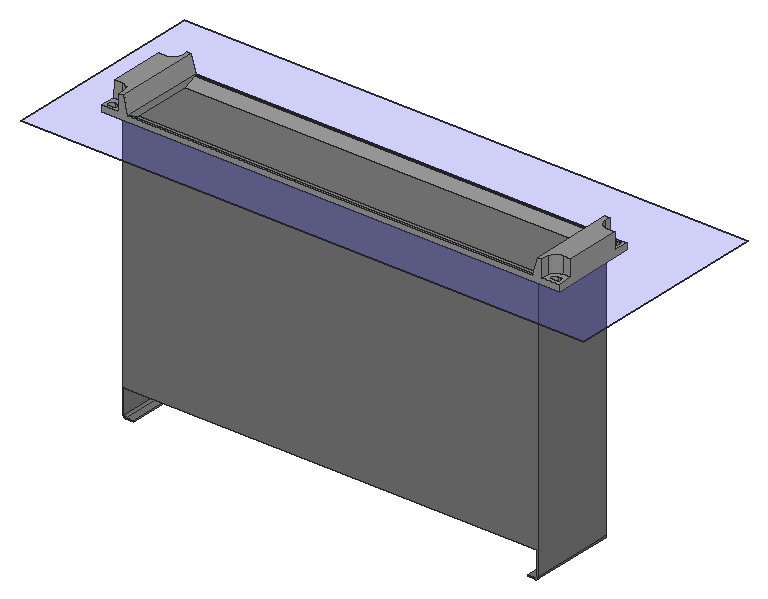
Revit family "QSC PLD4 Amplifiers", category Generic Models, host Face, Revit 2012
Parameters (values of type "PLD4.2")
  Width = 1' - 7"  # constant formula
  Weight Product (lb) = 18.5
  Weight Product (kg) = 8.4
  Voltage AC = "100-240 at 50-60 Hz"  # constant formula
  URL = "TBD"
  Regulatory Compliance = "UL, CE, RoHS/WEEE, FCC Class B"  # constant formula
  Product Page URL = "TBD"
  Product Documentation Link = "TBD"
  Power Troubleshoot [instance] = 0
  Power Standby [instance] = 0
  Power Peak [instance] = 0
  Power Factor [instance] = 0
  Power Active [instance] = 0
  Model = "PLD4.2"
  Manufacturer URL = "http://www.qscaudio.com"
  Manufacturer = "QSC Audio Products, LLC"  # constant formula
  Inner Front Width [instance] = 1' - 4.819"
  Height = 0' - 3 1/2"  # constant formula
  Heat Load Troubleshoot [instance] = 0
  Heat Load Standby [instance] = 0
  Heat Load Active [instance] = 0
  Face Material [instance] = Light Gray Finish
  Description = "2000 Watt Multi-Channel Processing Amplifier"
  Depth = 1' - 0"
  Default Elevation = 0' - 0"
  Current Draw [instance] = 0
  Amplifier Material [instance] = Dark Gray Finish
Types (8): name | Weight Product (lb) | Weight Product (kg) | Power Troubleshoot | Power Standby | Power Peak | Power Factor | Power Active | Model | Heat Load Troubleshoot | Heat Load Standby | Heat Load Active | Description | Depth | Current Draw | Amplifier Material
  (no name) | 18.5 | 8.4 | 0 | 0 | 0 | 0 | 0 | "PLD4.2" | 0 | 0 | 0 | "2000 Watt Multi-Channel Processing Amplifier" | 1' - 0" | 0 | Dark Gray Finish
  PLD4.2 | 18.5 | 8.4 | 0 | 0 | 0 | 0 | 0 | "PLD4.2" | 0 | 0 | 0 | "2000 Watt Multi-Channel Processing Amplifier" | 1' - 0" | 0 | Dark Gray Finish
  PLD4.3 @ 100VAC | 21 | 9.6 | 89 | 15 | 3452 | 0.95 | 556 | "PLD4.3" | 304 | 51 | 833 | "3000 Watt Multi-Channel Processing Amplifier" | 1' - 4" | 35 | Black Finish
  PLD4.5 @ 100VAC | 22 | 10 | 89 | 15 | 6938 | 0.97 | 962 | "PLD4.5" | 304 | 51 | 1165 | "5000 Watt Multi-Channel Processing Amplifier" | 1' - 4" | 68 | Black Finish
  PLD4.5 @ 120VAC | 22 | 10 | 87 | 15 | 6518 | 0.97 | 955 | "PLD4.5" | 297 | 51 | 1144 | "5000 Watt Multi-Channel Processing Amplifier" | 1' - 4" | 54 | Black Finish
  PLD4.5 @ 230VAC | 22 | 10 | 85 | 15 | 6000 | 0.91 | 969 | "PLD4.5" | 290 | 51 | 1209 | "5000 Watt Multi-Channel Processing Amplifier" | 1' - 4" | 27 | Black Finish
  PLD4.3 @ 120VAC | 21 | 9.6 | 87 | 15 | 3250 | 0.95 | 540 | "PLD4.3" | 297 | 51 | 800 | "3000 Watt Multi-Channel Processing Amplifier" | 1' - 4" | 25 | Black Finish
  PLD4.3 @ 230VAC | 21 | 9.6 | 85 | 15 | 3136 | 0.95 | 537 | "PLD4.3" | 290 | 51 | 766 | "3000 Watt Multi-Channel Processing Amplifier" | 1' - 4" | 14 | Black Finish
Reference planes (in)
  plane 1 "Center (Front/Back)": y = 0
  plane 2: z = 0
  plane 3 "Center (Left/Right)": x = 0
  plane 4 "Left": x = -9.5
  plane 5 "Right": x = 9.5
  plane 6 "Top": y = 1.75
  plane 7 "Bottom": y = -1.75
  plane 8 "Back": z = -11.0591
  plane 9: z = -9.9291
  plane 10: x = -8.6228
  plane 11: x = 8.6228
  plane 12 "Front": z = 0.9409
  plane 13: x = -8.1838
  plane 14: x = 8.1838
  plane 15: x = -9.4688
  plane 16: x = -8.5948
  plane 17: x = -8.4095
  plane 18: z = 0.2492
  plane 19: x = 9.4688
  plane 20: x = 8.5948
  plane 21: x = 8.4095
  plane 22: z = 0.2492
  plane 23: z = 0.5531
  plane 24 "Inner Left": x = -8.4095
  plane 25 "Inner Right": x = 8.4095
Forms (in)
  Extrusion 1, solid, material "Glass"
    sketch origin (0, 0, 0) x (1, 0, 0) y (0, 1, 0)
      loop
        line (-11.18464, 4.67779) -> (-11.18464, -3.88137) -> (12.1957, -3.88137) -> (12.1957, 4.67779) -> (-11.18464, 4.67779)
    from 0 to -0.03906
  Extrusion 2, solid, material "Dark Gray Finish" <- "Amplifier Material"
    sketch origin (0, -1.75, 0) x (-1, 0, 0) y (0, 0, 1)
      loop
        line (9.5, 0) -> (-9.5, 0) -> (-9.5, -11.0591) -> (9.5, -11.0591) -> (9.5, 0)
    from 0 to 3.5 <- "Height"
  Extrusion 3, void
    sketch origin (0, -1.75, 0) x (-1, 0, 0) y (0, 0, 1)
      loop
        line (8.6228, -11.0591) -> (9.5, -11.0591) -> (9.5, 0) -> (8.6228, 0) -> (8.6228, -11.0591)
      loop
        line (-9.5, -11.0591) -> (-8.6228, -11.0591) -> (-8.6228, 0) -> (-9.5, 0) -> (-9.5, -11.0591)
    from 0 to 3.5 <- "Height"
  Extrusion 4, void
    sketch origin (0, -1.75, 0) x (-1, 0, 0) y (0, 0, 1)
      loop
        arc (8.6228, -10.9291) -> (8.58472, -11.02102) -> (8.4928, -11.0591) r 0.13
        line (8.4928, -11.0591) -> (8.6228, -11.0591) -> (8.6228, -10.9291)
      loop
        line (8.5755, -10.92909) -> (8.5755, -9.9291) -> (-8.5755, -9.9291) -> (-8.5755, -10.92909)
        arc (-8.5755, -10.92909) -> (-8.55128, -10.98757) -> (-8.4928, -11.01179) r 0.0827
        line (-8.4928, -11.01179) -> (-8.1838, -11.01179) -> (-8.1838, -11.0591) -> (8.1838, -11.0591) -> (8.1838, -11.01179) -> (8.4928, -11.01179)
        arc (8.4928, -11.01179) -> (8.55128, -10.98757) -> (8.5755, -10.92909) r 0.0827
      loop
        line (-8.6228, -10.9291) -> (-8.6228, -11.0591) -> (-8.4928, -11.0591)
        arc (-8.4928, -11.0591) -> (-8.58472, -11.02102) -> (-8.6228, -10.9291) r 0.13
    from 0 to 3.5
  Extrusion 5, void
    sketch origin (0, -1.75, 0) x (-1, 0, 0) y (0, 0, 1)
      loop
        line (9.5, 0) -> (9.5, 0.9409) -> (9.4688, 0.9409) -> (9.5, 0)
      loop
        line (8.5948, 0.9409) -> (-8.5948, 0.9409) -> (-8.4095, 0.2492)
        arc (-8.4095, 0.2492) -> (0, 0.5531) -> (8.4095, 0.2492) r 116.5055
        line (8.4095, 0.2492) -> (8.5948, 0.9409)
      loop
        line (-9.4688, 0.9409) -> (-9.5, 0.9409) -> (-9.5, 0) -> (-9.4688, 0.9409)
    from 0 to 3.5
  Extrusion 6, void
    sketch origin (0, 0, 0.9409) x (-1, 0, 0) y (0, -1, 0)
      loop
        line (9.5, -1.75) -> (9.5, -1.138) -> (9.1609, -1.138)
        arc (9.1609, -1.138) -> (8.90489, -1.23581) -> (8.7793, -1.4794) r 0.38397
        line (8.7793, -1.4794) -> (8.7793, -1.75) -> (9.5, -1.75)
      loop
        line (9.5, 1.75) -> (8.7793, 1.75) -> (8.7793, 1.4794)
        arc (8.7793, 1.4794) -> (8.90489, 1.23581) -> (9.1609, 1.138) r 0.38397
        line (9.1609, 1.138) -> (9.5, 1.138) -> (9.5, 1.75)
      loop
        line (-9.5, -1.75) -> (-8.7793, -1.75) -> (-8.7793, -1.4794)
        arc (-8.7793, -1.4794) -> (-8.90489, -1.23581) -> (-9.1609, -1.138) r 0.38397
        line (-9.1609, -1.138) -> (-9.5, -1.138) -> (-9.5, -1.75)
      loop
        line (-9.5, 1.75) -> (-9.5, 1.138) -> (-9.1609, 1.138)
        arc (-9.1609, 1.138) -> (-8.90489, 1.23581) -> (-8.7793, 1.4794) r 0.38397
        line (-8.7793, 1.4794) -> (-8.7793, 1.75) -> (-9.5, 1.75)
    from 0 to -0.68359
  Extrusion 7, void
    sketch origin (0, 0, 0.9409) x (-1, 0, 0) y (0, -1, 0)
      loop
        arc (9.2614, -1.651) -> (9.3894, -1.523) -> (9.2614, -1.395) r 0.128
        line (9.2614, -1.395) -> (9.1314, -1.395)
        arc (9.1314, -1.395) -> (9.0034, -1.523) -> (9.1314, -1.651) r 0.128
        line (9.1314, -1.651) -> (9.2614, -1.651)
      loop
        arc (9.2614, 1.395) -> (9.3894, 1.523) -> (9.2614, 1.651) r 0.128
        line (9.2614, 1.651) -> (9.1314, 1.651)
        arc (9.1314, 1.651) -> (9.0034, 1.523) -> (9.1314, 1.395) r 0.128
        line (9.1314, 1.395) -> (9.2614, 1.395)
      loop
        arc (-9.1314, -1.651) -> (-9.0034, -1.523) -> (-9.1314, -1.395) r 0.128
        line (-9.1314, -1.395) -> (-9.2614, -1.395)
        arc (-9.2614, -1.395) -> (-9.3894, -1.523) -> (-9.2614, -1.651) r 0.128
        line (-9.2614, -1.651) -> (-9.1314, -1.651)
      loop
        arc (-9.1314, 1.395) -> (-9.0034, 1.523) -> (-9.1314, 1.651) r 0.128
        line (-9.1314, 1.651) -> (-9.2614, 1.651)
        arc (-9.2614, 1.651) -> (-9.3894, 1.523) -> (-9.2614, 1.395) r 0.128
        line (-9.2614, 1.395) -> (-9.1314, 1.395)
    from 0 to -1
  Extrusion 8, void
    sketch origin (-8.4095, 0, 0) x (0, 1, 0) y (0, 0, 1)
      loop
        line (1.69062, 0.22932) -> (1.75, 0.9409) -> (1.69062, 0.9409) -> (-1.75, 0.9409) -> (-1.69553, 0.2249) -> (-1.19154, 0) -> (1.20399, 0) -> (1.69062, 0.22932)
    from 0 to 16.819 <- "Inner Front Width"
  Extrusion 9, void
    sketch origin (0, 0, -11.0591) x (-1, 0, 0) y (0, -1, 0)
      loop
        line (-7.97058, -1.12779) -> (-7.48155, -1.12779) -> (-7.48155, -0.6147) -> (-7.97058, -0.6147) -> (-7.97058, -1.12779)
      loop
        line (7.08422, 0.56135) -> (7.70168, 0.56135) -> (7.70168, 1.43183) -> (7.08422, 1.43183) -> (7.08422, 0.56135)
      loop
        circle (-6.66506, -0.66316) r 0.44
      loop
        circle (-5.60506, -0.66316) r 0.44
      loop
        circle (-4.54506, -0.66316) r 0.44
      loop
        circle (-3.48506, -0.66316) r 0.44
      loop
        circle (-6.66506, 0.67684) r 0.44
      loop
        circle (-5.60506, 0.67684) r 0.44
      loop
        circle (-4.54506, 0.67684) r 0.44
      loop
        circle (-3.48506, 0.67684) r 0.44
      loop
        circle (-1.43506, -0.66316) r 0.47
      loop
        circle (-0.05506, -0.66316) r 0.47
      loop
        circle (1.32494, -0.66316) r 0.47
      loop
        circle (-1.43506, 0.71684) r 0.47
      loop
        circle (-0.05506, 0.71684) r 0.47
      loop
        circle (1.32494, 0.71684) r 0.47
    from 0 to 1.25
  Extrusion 10, solid, material "Light Gray Finish" <- "Face Material"
    sketch origin (0, -1.75, 0) x (-1, 0, 0) y (0, 0, 1)
      loop
        line (9.5, 0.9409) -> (-9.5, 0.9409) -> (-9.5, 0) -> (9.5, 0) -> (9.5, 0.9409)
    from 0 to 3.5 <- "Height"
Cuts and joins
  Extrusion 3, Extrusion 4, Extrusion 5, Extrusion 6, Extrusion 7, Extrusion 8, Extrusion 9 cuts Extrusion 2
  Extrusion 5, Extrusion 6, Extrusion 7, Extrusion 8 cuts Extrusion 10
Lines and regions (in)
  model lines, detail levels fine
    curve 1: arc (-8.6228, 1.2481, -10.2168) -> (-8.6228, 1.1201, -10.0888) -> (-8.6228, 0.9921, -10.2168) r 0.128
    curve 2: line (-8.6228, 0.9921, -10.2168) -> (-8.6228, 0.9921, -10.3468)
    curve 3: arc (-8.6228, 0.9921, -10.3468) -> (-8.6228, 1.1201, -10.4748) -> (-8.6228, 1.2481, -10.3468) r 0.128
    curve 4: line (-8.6228, 1.2481, -10.3468) -> (-8.6228, 1.2481, -10.2168)
    curve 5: arc (-8.6228, 0.6931, -10.7368) -> (-8.6228, 0.6231, -10.6668) -> (-8.6228, 0.5531, -10.7368) r 0.07
    curve 6: arc (-8.6228, 0.5531, -10.7368) -> (-8.6228, 0.6231, -10.8068) -> (-8.6228, 0.6931, -10.7368) r 0.07
    curve 7: arc (-8.6228, -0.5531, -10.7368) -> (-8.6228, -0.6231, -10.6668) -> (-8.6228, -0.6931, -10.7368) r 0.07
    curve 8: arc (-8.6228, -0.6931, -10.7368) -> (-8.6228, -0.6231, -10.8068) -> (-8.6228, -0.5531, -10.7368) r 0.07
    curve 9: arc (-8.6228, -1.2481, -10.3468) -> (-8.6228, -1.1201, -10.4748) -> (-8.6228, -0.9921, -10.3468) r 0.128
    curve 10: line (-8.6228, -0.9921, -10.3468) -> (-8.6228, -0.9921, -10.2168)
    curve 11: arc (-8.6228, -0.9921, -10.2168) -> (-8.6228, -1.1201, -10.0888) -> (-8.6228, -1.2481, -10.2168) r 0.128
    curve 12: line (-8.6228, -1.2481, -10.2168) -> (-8.6228, -1.2481, -10.3468)
    curve 13: arc (8.6228, 1.2481, -10.2168) -> (8.6228, 1.1201, -10.0888) -> (8.6228, 0.9921, -10.2168) r 0.128
    curve 14: line (8.6228, 0.9921, -10.2168) -> (8.6228, 0.9921, -10.3468)
    curve 15: arc (8.6228, 0.9921, -10.3468) -> (8.6228, 1.1201, -10.4748) -> (8.6228, 1.2481, -10.3468) r 0.128
    curve 16: line (8.6228, 1.2481, -10.3468) -> (8.6228, 1.2481, -10.2168)
    curve 17: arc (8.6228, 0.6931, -10.7368) -> (8.6228, 0.6231, -10.6668) -> (8.6228, 0.5531, -10.7368) r 0.07
    curve 18: arc (8.6228, 0.5531, -10.7368) -> (8.6228, 0.6231, -10.8068) -> (8.6228, 0.6931, -10.7368) r 0.07
    curve 19: arc (8.6228, -0.5531, -10.7368) -> (8.6228, -0.6231, -10.6668) -> (8.6228, -0.6931, -10.7368) r 0.07
    curve 20: arc (8.6228, -0.6931, -10.7368) -> (8.6228, -0.6231, -10.8068) -> (8.6228, -0.5531, -10.7368) r 0.07
    curve 21: arc (8.6228, -1.2481, -10.3468) -> (8.6228, -1.1201, -10.4748) -> (8.6228, -0.9921, -10.3468) r 0.128
    curve 22: line (8.6228, -0.9921, -10.3468) -> (8.6228, -0.9921, -10.2168)
    curve 23: arc (8.6228, -0.9921, -10.2168) -> (8.6228, -1.1201, -10.0888) -> (8.6228, -1.2481, -10.2168) r 0.128
    curve 24: line (8.6228, -1.2481, -10.2168) -> (8.6228, -1.2481, -10.3468)
    curve 25: circle (-8.3438, 0.6231, -11.0591) r 0.07 normal (0, 0, 1)
    curve 26: circle (-8.3438, -0.6231, -11.0591) r 0.07 normal (0, 0, -1)
    curve 27: circle (8.3438, 0.6231, -11.0591) r 0.07 normal (0, 0, -1)
    curve 28: circle (8.3438, -0.6231, -11.0591) r 0.07 normal (0, 0, 1)
    curve 61: line (-0.23509, 0.74029, 0.08969) -> (-0.37409, 0.87779, 0.08969)
    curve 62: line (2.27671, 0.74029, 0.08969) -> (2.41571, 0.87779, 0.08969)
    curve 63: line (2.27671, -0.76171, 0.08969) -> (2.41571, -0.89921, 0.08969)
    curve 64: line (-0.23509, -0.76171, 0.08969) -> (-0.37409, -0.89921, 0.08969)
    curve 69: arc (-3.92972, -0.06127, 0.08969) -> (-3.95365, -0.19312, 0.08969) -> (-3.97819, -0.06139, 0.08969) r 0.06812
    curve 70: line (-3.95381, -0.125, 0.08969) -> (-3.95381, -0.00273, 0.08969)
    curve 71: line (-2.75377, 0.67779, 0.08969) -> (-2.43464, 0.67779, 0.08969)
    curve 72: line (-2.75377, 0.51506, 0.08969) -> (-2.75377, 0.67779, 0.08969)
    curve 73: line (-2.43464, 0.51506, 0.08969) -> (-2.75377, 0.51506, 0.08969)
    curve 74: line (-2.43464, 0.67779, 0.08969) -> (-2.43464, 0.51506, 0.08969)
    curve 75: line (-1.25377, 0.67779, 0.08969) -> (-0.93464, 0.67779, 0.08969)
    curve 76: line (-1.25377, 0.51506, 0.08969) -> (-1.25377, 0.67779, 0.08969)
    curve 77: line (-0.93464, 0.51506, 0.08969) -> (-1.25377, 0.51506, 0.08969)
    curve 78: line (-0.93464, 0.67779, 0.08969) -> (-0.93464, 0.51506, 0.08969)
    curve 79: line (-2.25377, 0.67779, 0.08969) -> (-1.93464, 0.67779, 0.08969)
    curve 80: line (-2.25377, 0.51506, 0.08969) -> (-2.25377, 0.67779, 0.08969)
    curve 81: line (-1.93464, 0.51506, 0.08969) -> (-2.25377, 0.51506, 0.08969)
    curve 82: line (-1.93464, 0.67779, 0.08969) -> (-1.93464, 0.51506, 0.08969)
    curve 83: line (-1.75377, 0.67779, 0.08969) -> (-1.43464, 0.67779, 0.08969)
    curve 84: line (-1.75377, 0.51506, 0.08969) -> (-1.75377, 0.67779, 0.08969)
    curve 85: line (-1.43464, 0.51506, 0.08969) -> (-1.75377, 0.51506, 0.08969)
    curve 86: line (-1.43464, 0.67779, 0.08969) -> (-1.43464, 0.51506, 0.08969)
    curve 87: line (-2.75377, -0.19721, 0.08969) -> (-2.43464, -0.19721, 0.08969)
    curve 88: line (-2.75377, -0.35994, 0.08969) -> (-2.75377, -0.19721, 0.08969)
    curve 89: line (-2.43464, -0.35994, 0.08969) -> (-2.75377, -0.35994, 0.08969)
    curve 90: line (-2.43464, -0.19721, 0.08969) -> (-2.43464, -0.35994, 0.08969)
    curve 91: line (-1.25377, -0.19721, 0.08969) -> (-0.93464, -0.19721, 0.08969)
    curve 92: line (-1.25377, -0.35994, 0.08969) -> (-1.25377, -0.19721, 0.08969)
    curve 93: line (-0.93464, -0.35994, 0.08969) -> (-1.25377, -0.35994, 0.08969)
    curve 94: line (-0.93464, -0.19721, 0.08969) -> (-0.93464, -0.35994, 0.08969)
    curve 95: line (-2.25377, -0.19721, 0.08969) -> (-1.93464, -0.19721, 0.08969)
    curve 96: line (-2.25377, -0.35994, 0.08969) -> (-2.25377, -0.19721, 0.08969)
    curve 97: line (-1.93464, -0.35994, 0.08969) -> (-2.25377, -0.35994, 0.08969)
    curve 98: line (-1.93464, -0.19721, 0.08969) -> (-1.93464, -0.35994, 0.08969)
    curve 99: line (-1.75377, -0.19721, 0.08969) -> (-1.43464, -0.19721, 0.08969)
    curve 100: line (-1.75377, -0.35994, 0.08969) -> (-1.75377, -0.19721, 0.08969)
    curve 101: line (-1.43464, -0.35994, 0.08969) -> (-1.75377, -0.35994, 0.08969)
    curve 102: line (-1.43464, -0.19721, 0.08969) -> (-1.43464, -0.35994, 0.08969)
    curve 103: line (2.74506, 0.87779, 0.08969) -> (3.1581, 0.87779, 0.08969)
    curve 104: line (2.74506, 0.64006, 0.08969) -> (2.74506, 0.87779, 0.08969)
    curve 105: line (3.1581, 0.64006, 0.08969) -> (2.74506, 0.64006, 0.08969)
    curve 106: line (3.1581, 0.87779, 0.08969) -> (3.1581, 0.64006, 0.08969)
    curve 107: line (2.74506, -0.66149, 0.08969) -> (3.1581, -0.66149, 0.08969)
    curve 108: line (2.74506, -0.89921, 0.08969) -> (2.74506, -0.66149, 0.08969)
    curve 109: line (3.1581, -0.89921, 0.08969) -> (2.74506, -0.89921, 0.08969)
    curve 110: line (3.1581, -0.66149, 0.08969) -> (3.1581, -0.89921, 0.08969)
    curve 111: line (2.74506, 0.3647, 0.08969) -> (3.1581, 0.3647, 0.08969)
    curve 112: line (2.74506, 0.12697, 0.08969) -> (2.74506, 0.3647, 0.08969)
    curve 113: line (3.1581, 0.12697, 0.08969) -> (2.74506, 0.12697, 0.08969)
    curve 114: line (3.1581, 0.3647, 0.08969) -> (3.1581, 0.12697, 0.08969)
    curve 115: line (2.74506, -0.14839, 0.08969) -> (3.1581, -0.14839, 0.08969)
    curve 116: line (2.74506, -0.38612, 0.08969) -> (2.74506, -0.14839, 0.08969)
    curve 117: line (3.1581, -0.38612, 0.08969) -> (2.74506, -0.38612, 0.08969)
    curve 118: line (3.1581, -0.14839, 0.08969) -> (3.1581, -0.38612, 0.08969)
  model lines, style "GenericModel", detail levels fine
    curve 29: line (0.08067, -1.4709, 0.12466) -> (-0.00659, -1.36592, 0.07781)
    curve 30: line (-0.00659, -1.36592, 0.07781) -> (0.08067, -1.4709, 0.12466)
    curve 31: line (-0.32294, -1.45779, 0.11881) -> (-0.28998, -1.3495, 0.07049)
    curve 32: line (-0.28998, -1.3495, 0.07049) -> (-0.32294, -1.45779, 0.11881)
    curve 33: line (-0.26788, -1.5295, 0.15081) -> (-0.29248, -1.32909, 0.06138)
    curve 34: line (-0.29248, -1.32909, 0.06138) -> (-0.26788, -1.5295, 0.15081)
    curve 35: line (0.19751, -1.38929, 0.08824) -> (0.27532, -1.44149, 0.11154)
    curve 36: line (0.27532, -1.44149, 0.11154) -> (0.19751, -1.38929, 0.08824)
  model lines, style "GenericModel", not visible, detail levels fine
    curve 37: line (13.55599, -1.01274, 0.03125) -> (13.46873, -0.89778, 0.03125)
    curve 38: line (13.46873, -0.89778, 0.03125) -> (13.55599, -1.01274, 0.03125)
    curve 39: line (13.15237, -0.99839, 0.03125) -> (13.18534, -0.8798, 0.03125)
    curve 40: line (13.18534, -0.8798, 0.03125) -> (13.15237, -0.99839, 0.03125)
    curve 41: line (13.20744, -1.07691, 0.03125) -> (13.18283, -0.85745, 0.03125)
    curve 42: line (13.18283, -0.85745, 0.03125) -> (13.20744, -1.07691, 0.03125)
    curve 43: line (13.67283, -0.92336, 0.03125) -> (13.75064, -0.98053, 0.03125)
    curve 44: line (13.75064, -0.98053, 0.03125) -> (13.67283, -0.92336, 0.03125)
  model lines, not visible
    curve 45: arc (-4.09496, -0.0625, 1.79211) -> (-3.79966, 0.2328, 1.79211) -> (-3.50436, -0.0625, 1.79211) r 0.2953
    curve 46: arc (-3.50436, -0.0625, 1.79211) -> (-3.79966, -0.3578, 1.79211) -> (-4.09496, -0.0625, 1.79211) r 0.2953
    curve 47: arc (2.90932, 0.1875, 1.79211) -> (3.51952, 0.7977, 1.79211) -> (4.12972, 0.1875, 1.79211) r 0.6102
    curve 48: arc (4.12972, 0.1875, 1.79211) -> (3.51952, -0.4227, 1.79211) -> (2.90932, 0.1875, 1.79211) r 0.6102
    curve 49: line (2.1373, 0.9632, 1.79211) -> (2.1373, -0.8138, 1.79211)
    curve 50: line (2.1373, -0.8138, 1.79211) -> (-0.6525, -0.8138, 1.79211)
    curve 51: line (-0.6525, -0.8138, 1.79211) -> (-0.6525, 0.9632, 1.79211)
    curve 52: line (-0.6525, 0.9632, 1.79211) -> (2.1373, 0.9632, 1.79211)
  model lines, detail levels medium+fine
    curve 53: line (-0.37409, 0.87779, 0.08969) -> (2.41571, 0.87779, 0.08969)
    curve 54: line (2.41571, 0.87779, 0.08969) -> (2.41571, -0.89921, 0.08969)
    curve 55: line (-0.37409, -0.89921, 0.08969) -> (2.41571, -0.89921, 0.08969)
    curve 56: line (-0.37409, 0.87779, 0.08969) -> (-0.37409, -0.89921, 0.08969)
    curve 57: line (-0.23509, 0.74029, 0.08969) -> (2.27671, 0.74029, 0.08969)
    curve 58: line (2.27671, 0.74029, 0.08969) -> (2.27671, -0.76171, 0.08969)
    curve 59: line (-0.23509, 0.74029, 0.08969) -> (-0.23509, -0.76171, 0.08969)
    curve 60: line (-0.23509, -0.76171, 0.08969) -> (2.27671, -0.76171, 0.08969)
    curve 65: circle (4.00866, -0.10311, 0.08969) r 0.61 normal (0, 0, 1)
    curve 66: circle (4.00866, -0.10311, 0.08969) r 0.43 normal (0, 0, 1)
    curve 67: circle (-3.95381, -0.125, 0.08969) r 0.2953 normal (0, 0, 1)
    curve 68: circle (-3.95381, -0.125, 0.08969) r 0.2382 normal (0, 0, 1)
Dimensions and locks (in)
  "Depth": plane 12 "Front" to plane 8 "Back"
  equal spacing: plane 6 "Top", plane 1 "Center (Front/Back)", plane 7 "Bottom"
  "Height": plane 6 "Top" to plane 7 "Bottom"
  equal spacing: plane 4 "Left", plane 3 "Center (Left/Right)", plane 5 "Right"
  "Width": plane 4 "Left" to plane 5 "Right"
  plane 9 to plane 8 "Back" = 0' - 1.13"
  plane 4 "Left" to plane 10 = 0' - 0.8772"
  plane 11 to plane 5 "Right" = 0' - 0.8772"
  plane 12 "Front" to plane 2 = 0' - 0.9409"
  plane 10 to plane 13 = 0' - 0.439"
  plane 14 to plane 11 = 0' - 0.439"
  "Inner Front Width": plane 24 "Inner Left" to plane 25 "Inner Right"
  aligned and locked: plane 2 to Extrusion 1
  aligned and locked: level to Extrusion 1
  aligned and locked: plane 4 "Left" to Extrusion 2 sketch curve
  aligned and locked: plane 8 "Back" to Extrusion 2 sketch curve
  aligned and locked: Extrusion 2 sketch curve to plane 5 "Right"
  aligned and locked: Extrusion 3 sketch curve to plane 8 "Back"
  aligned and locked: Extrusion 3 sketch curve to plane 10
  aligned and locked: level to Extrusion 3 sketch curve  (x2)
  aligned and locked: Extrusion 3 sketch curve to plane 4 "Left"
  aligned and locked: Extrusion 3 sketch curve to Extrusion 2
  aligned and locked: Extrusion 2 to Extrusion 3 sketch curve
  aligned and locked: Extrusion 3 sketch curve to plane 11
  aligned and locked: Extrusion 2 sketch curve to plane 2
Automatic sketch dimensions
  Extrusion 1 sketch curve to Extrusion 1 sketch curve = 1' - 11.38034"
  Extrusion 1 sketch curve to Extrusion 1 sketch curve = 0' - 8.55916"
  Extrusion 4 sketch curve to plane 11 = 0' - 0"
  Extrusion 4 sketch curve to plane 9 = 0' - 0"
  Extrusion 4 sketch curve to plane 8 "Back" = 0' - 0"  (x3)
  Extrusion 4 sketch curve to plane 14 = 0' - 0"
  Extrusion 4 sketch curve to plane 13 = 0' - 0"
  Extrusion 4 sketch curve to plane 10 = 0' - 0"
  Extrusion 4 sketch curve to plane 11 = 0' - 0.0473"
  plane 8 "Back" to Extrusion 4 sketch curve = 0' - 0.04731"  (x2)
  plane 25 "Inner Right" to Extrusion 4 sketch curve = 0' - 0.0833"
  Extrusion 4 sketch curve to Extrusion 4 sketch curve = 0' - 0"  (x2)
  Extrusion 4 sketch curve to plane 24 "Inner Left" = 0' - 0.0833"
  plane 10 to Extrusion 4 sketch curve = 0' - 0.0473"
  Extrusion 5 sketch curve to level = 0' - 0"  (x2)
  Extrusion 5 sketch curve to plane 5 "Right" = 0' - 0"
  Extrusion 5 sketch curve to plane 12 "Front" = 0' - 0"  (x3)
  plane 19 to Extrusion 5 sketch curve = 0' - 0"
  plane 20 to Extrusion 5 sketch curve = 0' - 0"
  Extrusion 5 sketch curve to plane 18 = 0' - 0"
  plane 21 to Extrusion 5 sketch curve = 0' - 0"
  Extrusion 5 sketch curve to plane 3 "Center (Left/Right)" = 0' - 0"
  Extrusion 5 sketch curve to plane 17 = 0' - 0"
  Extrusion 5 sketch curve to plane 16 = 0' - 0"
  Extrusion 5 sketch curve to plane 15 = 0' - 0"
  Extrusion 5 sketch curve to plane 4 "Left" = 0' - 0"
  Extrusion 5 sketch curve to plane 8 "Back" = 8' - 8.8933"
  Extrusion 6 sketch curve to plane 5 "Right" = 0' - 0"  (x2)
  Extrusion 6 sketch curve to plane 6 "Top" = 0' - 0"  (x2)
  Extrusion 6 sketch curve to plane 7 "Bottom" = 0' - 0"  (x2)
  Extrusion 6 sketch curve to plane 4 "Left" = 0' - 0"  (x2)
  Extrusion 6 sketch curve to plane 5 "Right" = 0' - 0.3391"  (x2)
  plane 11 to Extrusion 6 sketch curve = 0' - 0.1565"  (x2)
  Extrusion 6 sketch curve to plane 10 = 0' - 0.1565"  (x2)
  plane 4 "Left" to Extrusion 6 sketch curve = 0' - 0.3391"  (x2)
  Extrusion 6 sketch curve to plane 6 "Top" = 0' - 0.22803"  (x2)
  Extrusion 6 sketch curve to plane 6 "Top" = 0' - 0.2706"  (x2)
  plane 7 "Bottom" to Extrusion 6 sketch curve = 0' - 0.612"  (x2)
  plane 7 "Bottom" to Extrusion 6 sketch curve = 0' - 0.2706"  (x2)
  plane 7 "Bottom" to Extrusion 7 sketch curve = 0' - 0.099"  (x2)
  Extrusion 7 sketch curve to plane 5 "Right" = 0' - 0.2386"  (x2)
  Extrusion 7 sketch curve to Extrusion 7 sketch curve = 0' - 0.13"  (x4)
  plane 4 "Left" to Extrusion 7 sketch curve = 0' - 0.3686"  (x2)
  Extrusion 7 sketch curve to plane 6 "Top" = 0' - 0.099"  (x2)
  Extrusion 7 sketch curve to Extrusion 7 sketch curve = 0' - 0.128"  (x2)
  Extrusion 7 sketch curve to Extrusion 7 sketch curve = 0' - 0.256"  (x2)
  curve 5 to curve 6 = 0' - 0"  (x2)
  curve 7 to curve 8 = 0' - 0"  (x2)
  curve 1 to Extrusion 3 = 0' - 0.8423"
  curve 11 to Extrusion 3 = 0' - 0.8423"
  curve 2 to curve 3 = 0' - 0.13"
  curve 10 to curve 10 = 0' - 0.13"
  curve 8 to Extrusion 3 = 0' - 0.3223"
  curve 6 to Extrusion 3 = 0' - 0.3223"
  Extrusion 3 to curve 1 = 0' - 0.5019"
  curve 4 to curve 1 = 0' - 0.128"
  curve 3 to curve 5 = 0' - 0.299"
  curve 5 to curve 6 = 0' - 0.07"
  curve 5 to curve 7 = 0' - 1.1062"
  curve 7 to curve 7 = 0' - 0.07"
  curve 8 to curve 11 = 0' - 0.299"
  curve 10 to curve 11 = 0' - 0.128"
  curve 17 to curve 18 = 0' - 0"  (x2)
  curve 19 to curve 20 = 0' - 0"  (x2)
  curve 19 to Extrusion 3 = 0' - 0.3223"
  curve 18 to Extrusion 3 = 0' - 0.3223"
  curve 17 to curve 16 = 0' - 0.39"
  curve 20 to curve 24 = 0' - 0.39"
  curve 15 to curve 16 = 0' - 0.13"
  curve 21 to curve 22 = 0' - 0.13"
  Extrusion 3 to curve 13 = 0' - 0.5019"
  curve 13 to curve 13 = 0' - 0.128"
  curve 15 to curve 17 = 0' - 0.299"
  curve 17 to curve 18 = 0' - 0.07"
  curve 17 to curve 19 = 0' - 1.1062"
  curve 19 to curve 19 = 0' - 0.07"
  curve 20 to curve 23 = 0' - 0.299"
  curve 22 to curve 23 = 0' - 0.128"
  curve 27 to plane 25 "Inner Right" = 0' - 0.0657"
  curve 28 to plane 25 "Inner Right" = 0' - 0.0657"
  plane 24 "Inner Left" to curve 26 = 0' - 0.0657"
  plane 24 "Inner Left" to curve 25 = 0' - 0.0657"
  curve 27 to plane 1 "Center (Front/Back)" = 0' - 0.6231"
  curve 25 to plane 1 "Center (Front/Back)" = 0' - 0.6231"
  plane 1 "Center (Front/Back)" to curve 28 = 0' - 0.6231"
  plane 1 "Center (Front/Back)" to curve 26 = 0' - 0.6231"
  Extrusion 8 sketch curve to plane 7 "Bottom" = 0' - 0"
  Extrusion 8 sketch curve to plane 12 "Front" = 0' - 0"
  Extrusion 8 sketch curve to plane 6 "Top" = 0' - 0"
  plane 7 "Bottom" to Extrusion 8 sketch curve = 0' - 0.05447"
  Extrusion 8 sketch curve to Extrusion 8 sketch curve = 0' - 0.504"
  Extrusion 8 sketch curve to plane 6 "Top" = 0' - 0.54601"
  Extrusion 8 sketch curve to plane 6 "Top" = 0' - 0.05938"
  Extrusion 8 sketch curve to Extrusion 8 sketch curve = 0' - 0.05938"
  curve 65 to curve 66 = 0' - 0"  (x2)
  curve 67 to curve 68 = 0' - 0"  (x2)
  curve 67 to curve 69 = 0' - 0"
  curve 68 to curve 69 = 0' - 0"
  curve 56 to plane 3 "Center (Left/Right)" = 0' - 0.37409"
  plane 7 "Bottom" to curve 56 = 0' - 0.85079"
  curve 64 to plane 3 "Center (Left/Right)" = 0' - 0.23509"
  curve 55 to curve 64 = 0' - 0.1375"
  plane 1 "Center (Front/Back)" to curve 67 = 0' - 0 1/8"
  curve 70 to curve 67 = 0' - 0"
  plane 1 "Center (Front/Back)" to curve 65 = 0' - 0.10311"
  plane 1 "Center (Front/Back)" to curve 69 = 0' - 0.06139"
  curve 69 to curve 69 = 0' - 0.00011"
  plane 1 "Center (Front/Back)" to curve 70 = 0' - 0.00273"
  curve 58 to plane 1 "Center (Front/Back)" = 0' - 0.74029"
  curve 57 to curve 61 = 0' - 0.1375"
  plane 3 "Center (Left/Right)" to curve 62 = 0' - 2.27671"
  curve 53 to curve 57 = 0' - 0.139"
  curve 66 to curve 54 = 0' - 1.59296"
  curve 55 to curve 69 = 0' - 3.55563"
  curve 69 to curve 69 = 0' - 0.02409"
  curve 69 to curve 70 = 0' - 0.02409"
  Extrusion 10 sketch curve to level = 0' - 0"
  Extrusion 10 sketch curve to plane 4 "Left" = 0' - 0"
  Extrusion 10 sketch curve to plane 12 "Front" = 0' - 0"
  Extrusion 10 sketch curve to plane 5 "Right" = 0' - 0"
  level to Extrusion 8 sketch curve = 0' - 0.22932"
  level to Extrusion 8 sketch curve = 0' - 0.2249"
  level to Extrusion 8 sketch curve = 0' - 0"
  curve 76 to plane 1 "Center (Front/Back)" = 0' - 0.51506"
  curve 81 to curve 84 = 0' - 0"
  curve 85 to curve 76 = 0' - 0"
  curve 74 to curve 80 = 0' - 0"
  curve 72 to curve 72 = 0' - 0.16273"
  curve 76 to curve 75 = 0' - 0.16273"
  curve 85 to curve 86 = 0' - 0.16273"
  curve 80 to curve 79 = 0' - 0.16273"
  curve 53 to curve 77 = 0' - 0.56055"
  curve 77 to curve 77 = 0' - 0.31913"
  curve 76 to curve 85 = 0' - 0.18087"
  curve 85 to curve 84 = 0' - 0.31913"
  curve 84 to curve 82 = 0' - 0.18087"
  curve 81 to curve 81 = 0' - 0.31913"
  curve 79 to curve 71 = 0' - 0.18087"
  curve 71 to curve 71 = 0' - 0.31913"
  plane 1 "Center (Front/Back)" to curve 90 = 0' - 0.35994"
  curve 98 to curve 100 = 0' - 0"
  curve 101 to curve 92 = 0' - 0"
  curve 89 to curve 97 = 0' - 0"
  curve 88 to curve 88 = 0' - 0.16273"
  curve 97 to curve 98 = 0' - 0.16273"
  curve 93 to curve 91 = 0' - 0.16273"
  curve 100 to curve 100 = 0' - 0.16273"
  curve 55 to curve 94 = 0' - 0.56055"
  curve 91 to curve 91 = 0' - 0.31913"
  curve 92 to curve 101 = 0' - 0.18087"
  curve 101 to curve 101 = 0' - 0.31913"
  curve 100 to curve 98 = 0' - 0.18087"
  curve 95 to curve 95 = 0' - 0.31913"
  curve 96 to curve 90 = 0' - 0.18087"
  curve 87 to curve 87 = 0' - 0.31913"
  curve 54 to curve 109 = 0' - 0"
  curve 108 to curve 108 = 0' - 0.23773"
  curve 107 to curve 117 = 0' - 0.27536"
  plane 1 "Center (Front/Back)" to curve 115 = 0' - 0.14839"
  curve 113 to plane 1 "Center (Front/Back)" = 0' - 0.12697"
  curve 113 to curve 114 = 0' - 0.23773"
  curve 111 to curve 104 = 0' - 0.27536"
  curve 104 to curve 103 = 0' - 0.23773"
  curve 105 to curve 53 = 0' - 0.74239"
  curve 107 to curve 54 = 0' - 0.74239"
  curve 111 to curve 105 = 0' - 0"
  curve 115 to curve 113 = 0' - 0"
  curve 111 to curve 112 = 0' - 0.41304"
  curve 104 to curve 112 = 0' - 0"
  curve 107 to curve 54 = 0' - 0.32935"
  curve 117 to curve 107 = 0' - 0"
  Extrusion 9 sketch curve to plane 14 = 0' - 0.21322"
  Extrusion 9 sketch curve to Extrusion 9 sketch curve = 0' - 0.48903"
  Extrusion 9 sketch curve to Extrusion 9 sketch curve = 0' - 0.81649"
  Extrusion 9 sketch curve to Extrusion 9 sketch curve = 0' - 0"  (x2)
  Extrusion 9 sketch curve to Extrusion 9 sketch curve = 0' - 1.06"  (x6)
  plane 3 "Center (Left/Right)" to Extrusion 9 sketch curve = 0' - 1.43506"  (x2)
  plane 3 "Center (Left/Right)" to Extrusion 9 sketch curve = 0' - 0.05506"  (x2)
  Extrusion 9 sketch curve to Extrusion 9 sketch curve = 0' - 1.38"
  Extrusion 9 sketch curve to plane 1 "Center (Front/Back)" = 0' - 0.66316"  (x7)
  plane 7 "Bottom" to Extrusion 9 sketch curve = 0' - 0.31817"
  plane 13 to Extrusion 9 sketch curve = 0' - 1.09958"
  plane 13 to Extrusion 9 sketch curve = 0' - 0.48212"
  Extrusion 9 sketch curve to plane 6 "Top" = 0' - 0.62221"
  Extrusion 9 sketch curve to plane 1 "Center (Front/Back)" = 0' - 0.6147"
  plane 1 "Center (Front/Back)" to Extrusion 9 sketch curve = 0' - 0.56135"
  plane 1 "Center (Front/Back)" to Extrusion 9 sketch curve = 0' - 0.67684"  (x4)
  plane 1 "Center (Front/Back)" to Extrusion 9 sketch curve = 0' - 0.71684"  (x3)
  radius of curve 25 = 0' - 0.07"
  radius of curve 26 = 0' - 0.07"
  radius of curve 27 = 0' - 0.07"
  radius of curve 28 = 0' - 0.07"
  radius of curve 65 = 0' - 0.61"
  radius of curve 66 = 0' - 0.43"
  radius of curve 67 = 0' - 0.2953"
  radius of curve 68 = 0' - 0.2382"
  radius of Extrusion 9 sketch curve = 0' - 0.44"  (x8)
  radius of Extrusion 9 sketch curve = 0' - 0.47"  (x6)
Connectors (in)
  electrical at (7.72606, 0.87124, -9.8091)
    settings: on cut or joined group 1 (Extrusion 2, Extrusion 3, Extrusion 4, Extrusion 5, Extrusion 6, Extrusion 7, Extrusion 8, Extrusion 9), index 1, voltage 0 V, apparent load 0 VA, apparent load phase1 0 VA, apparent load phase2 0 VA, apparent load phase3 0 VA, power factor 1, load classification "Other", number of poles 1, system type 13, power factor state 1, is connector primary yes, connector utility no, sub classification motor no, connector description "USB"
  electrical at (-7.39295, -0.99659, -9.8091)
    settings: on cut or joined group 1, index 11, voltage 0 V, apparent load 0 VA, apparent load phase1 0 VA, apparent load phase2 0 VA, apparent load phase3 0 VA, power factor 1, load classification "Other", number of poles 3, system type 30, power factor state 1, is connector primary no, connector utility no, sub classification motor no, connector description "100-240 VAC, 50-60Hz"
  electrical at (6.66506, 0.66316, -9.8091)
    settings: on cut or joined group 1, index 12, voltage 0 V, apparent load 0 VA, apparent load phase1 0 VA, apparent load phase2 0 VA, apparent load phase3 0 VA, power factor 1, load classification "Other", number of poles 1, system type 14, power factor state 1, is connector primary no, connector utility no, sub classification motor no, connector description "Input 1"
  electrical at (6.66506, -0.67684, -9.8091)
    settings: on cut or joined group 1, index 13, voltage 0 V, apparent load 0 VA, apparent load phase1 0 VA, apparent load phase2 0 VA, apparent load phase3 0 VA, power factor 1, load classification "Other", number of poles 1, system type 14, power factor state 1, is connector primary no, connector utility no, sub classification motor no, connector description "Input 1 Parallel Out"
  electrical at (5.60506, -0.67684, -9.8091)
    settings: on cut or joined group 1, index 14, voltage 0 V, apparent load 0 VA, apparent load phase1 0 VA, apparent load phase2 0 VA, apparent load phase3 0 VA, power factor 1, load classification "Other", number of poles 1, system type 14, power factor state 1, is connector primary no, connector utility no, sub classification motor no, connector description "Input 2 Parallel Out"
  electrical at (5.60506, 0.66316, -9.8091)
    settings: on cut or joined group 1, index 15, voltage 0 V, apparent load 0 VA, apparent load phase1 0 VA, apparent load phase2 0 VA, apparent load phase3 0 VA, power factor 1, load classification "Other", number of poles 1, system type 14, power factor state 1, is connector primary no, connector utility no, sub classification motor no, connector description "Input 2"
  electrical at (4.54506, 0.66316, -9.8091)
    settings: on cut or joined group 1, index 16, voltage 0 V, apparent load 0 VA, apparent load phase1 0 VA, apparent load phase2 0 VA, apparent load phase3 0 VA, power factor 1, load classification "Other", number of poles 1, system type 14, power factor state 1, is connector primary no, connector utility no, sub classification motor no, connector description "Input 3"
  electrical at (4.54506, -0.67684, -9.8091)
    settings: on cut or joined group 1, index 17, voltage 0 V, apparent load 0 VA, apparent load phase1 0 VA, apparent load phase2 0 VA, apparent load phase3 0 VA, power factor 1, load classification "Other", number of poles 1, system type 14, power factor state 1, is connector primary no, connector utility no, sub classification motor no, connector description "Input 3 Parallel Out"
  electrical at (3.48506, -0.67684, -9.8091)
    settings: on cut or joined group 1, index 18, voltage 0 V, apparent load 0 VA, apparent load phase1 0 VA, apparent load phase2 0 VA, apparent load phase3 0 VA, power factor 1, load classification "Other", number of poles 1, system type 14, power factor state 1, is connector primary no, connector utility no, sub classification motor no, connector description "Input 4 Parallel Out"
  electrical at (3.48506, 0.66316, -9.8091)
    settings: on cut or joined group 1, index 19, voltage 0 V, apparent load 0 VA, apparent load phase1 0 VA, apparent load phase2 0 VA, apparent load phase3 0 VA, power factor 1, load classification "Other", number of poles 1, system type 14, power factor state 1, is connector primary no, connector utility no, sub classification motor no, connector description "Input 4"
  electrical at (1.43506, 0.66316, -9.8091)
    settings: on cut or joined group 1, index 20, voltage 0 V, apparent load 0 VA, apparent load phase1 0 VA, apparent load phase2 0 VA, apparent load phase3 0 VA, power factor 1, load classification "Other", number of poles 1, system type 14, power factor state 1, is connector primary no, connector utility no, sub classification motor no, connector description "Output 1"
  electrical at (1.43506, -0.71684, -9.8091)
    settings: on cut or joined group 1, index 21, voltage 0 V, apparent load 0 VA, apparent load phase1 0 VA, apparent load phase2 0 VA, apparent load phase3 0 VA, power factor 1, load classification "Other", number of poles 1, system type 14, power factor state 1, is connector primary no, connector utility no, sub classification motor no, connector description "Output 4"
  electrical at (0.05506, 0.66316, -9.8091)
    settings: on cut or joined group 1, index 22, voltage 0 V, apparent load 0 VA, apparent load phase1 0 VA, apparent load phase2 0 VA, apparent load phase3 0 VA, power factor 1, load classification "Other", number of poles 1, system type 14, power factor state 1, is connector primary no, connector utility no, sub classification motor no, connector description "Output 2"
  electrical at (0.05506, -0.71684, -9.8091)
    settings: on cut or joined group 1, index 23, voltage 0 V, apparent load 0 VA, apparent load phase1 0 VA, apparent load phase2 0 VA, apparent load phase3 0 VA, power factor 1, load classification "Other", number of poles 1, system type 14, power factor state 1, is connector primary no, connector utility no, sub classification motor no, connector description "Output 5"
  electrical at (-1.32494, -0.71684, -9.8091)
    settings: on cut or joined group 1, index 24, voltage 0 V, apparent load 0 VA, apparent load phase1 0 VA, apparent load phase2 0 VA, apparent load phase3 0 VA, power factor 1, load classification "Other", number of poles 1, system type 14, power factor state 1, is connector primary no, connector utility no, sub classification motor no, connector description "Output 6"
  electrical at (-1.32494, 0.66316, -9.8091)
    settings: on cut or joined group 1, index 25, voltage 0 V, apparent load 0 VA, apparent load phase1 0 VA, apparent load phase2 0 VA, apparent load phase3 0 VA, power factor 1, load classification "Other", number of poles 1, system type 14, power factor state 1, is connector primary no, connector utility no, sub classification motor no, connector description "Output 3"
